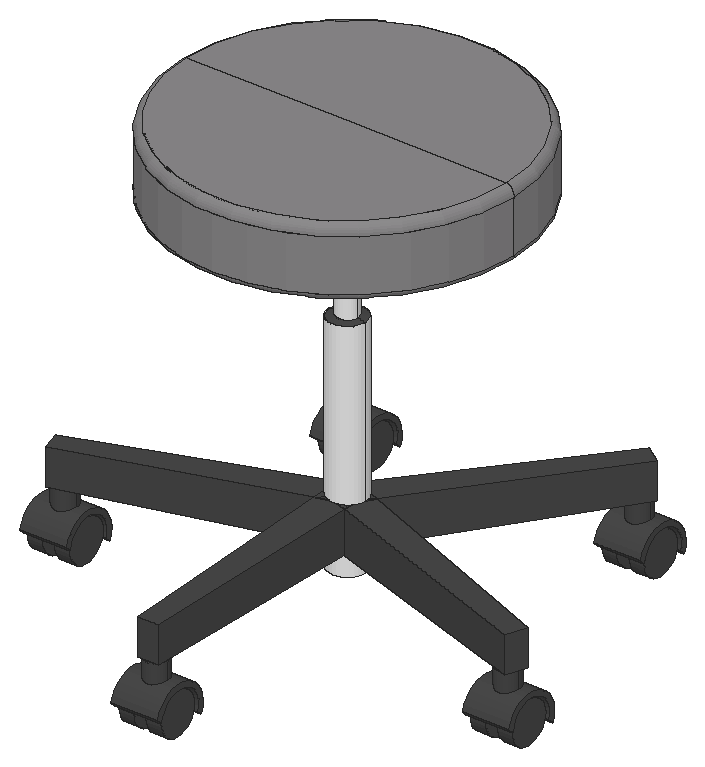
Revit family
Parameters (values of type "Value Series Stool")
  Upholstery = Upholstery - Midmark - 232 - Shadow
  URL = "http://www.midmark.com"
  Product Page URL = "http://www.midmark.com/en-us/AnimalHealthProducts/Seating/Pages/Midmark272AirLiftStool.aspx"
  Product Documentation Link = "http://www.midmark.com/marketing-collateral/007-0558-00.pdf"
  Model = "272"
  Manufacturer = "Midmark"
  Lift Height = Calculated Height - 0' 2"  # 1' - 4"
  Height = 1' - 6"
  Description = "Value Series Stool"
  Calculated Height = if(Height < 1' 6", 1' 6", if(Height > 2' 0 1/2", 2' 0 1/2", Height))  # 1' - 6"
  Assembly Code = "E2020"
Reference planes (in)
  plane 1 "Center Front/Back": y = 0
  plane 2: z = 0
  plane 3 "Center Left/Right": x = 0
  plane 4: z = 18
  plane 5: z = 5.25
  plane 6: z = 2
  plane 7: x = -12.11968
  plane 8: x = 11.86968
  plane 9: y = 10.87905
  plane 10: y = -12.83061
  plane 11: x = -12.86968
  plane 12: x = 12.61968
  plane 13: y = -13.58061
  plane 14: y = 11.62905
  plane 15: z = 21.5
Forms (in)
  Extrusion 1, solid, material "Chair - Midmark Coarse View", detail levels coarse
    sketch origin (0, 0, 0) x (1, 0, 0) y (0, 1, 0)
      loop
        line (-12.86968, 11.62905) -> (-12.86968, -13.58061) -> (12.61968, -13.58061) -> (12.61968, 11.62905) -> (-12.86968, 11.62905)
    from 0 to 21.5
Lines and regions (in)
  Masking region 1, detail levels coarse
    outline origin (0, 0, 0) x (1, 0, 0) y (0, 1, 0)
      loop
        line (-12.86968, 11.62905) -> (-12.86968, -13.58061) -> (12.61968, -13.58061) -> (12.61968, 11.62905) -> (-12.86968, 11.62905)
  Masking region 2, detail levels coarse
    outline origin (0, 0, 0) x (1, 0, 0) y (0, 0, 1)
      loop
        line (-12.86968, 21.5) -> (-12.86968, 0) -> (12.61968, 0) -> (12.61968, 21.5) -> (-12.86968, 21.5)
  Masking region 3, detail levels coarse
    outline origin (0, 0, 0) x (0, 1, 0) y (0, 0, 1)
      loop
        line (11.62905, 21.5) -> (-13.58061, 21.5) -> (-13.58061, 0) -> (11.62905, 0) -> (11.62905, 21.5)
Dimensions and locks (in)
  "Calculated Height": plane 4 to plane 2
  locked: plane 5 to plane 2 at 5.25
  locked: plane 6 to plane 2 at 2
  plane 14 to plane 9 to plane 1 "Center Front/Back" to plane 10 to plane 13 = 0' - 0 3/4" locked, 0' - 10.87905" locked, 1' - 0.83061" locked, 0' - 0 3/4" locked
  plane 11 to plane 7 = 0' - 0 3/4"
  locked: plane 15 to plane 4 at 3.5
  plane 3 "Center Left/Right" to plane 8 to Extrusion 1 = 0' - 11.86968" locked, 0' - 0 3/4" locked
  Extrusion 1 to plane 7 to plane 3 "Center Left/Right" = 0' - 0 3/4" locked, 1' - 0.11968" locked
  plane 11 to plane 3 "Center Left/Right" to plane 12 = 1' - 0.86968" locked, 1' - 0.61968" locked
  aligned and locked: level to plane 2
  aligned and locked: plane 3 "Center Left/Right" to nested 2
  aligned and locked: plane 3 "Center Left/Right" to nested 1
  aligned and locked: plane 2 to nested 2
  aligned: plane 4 to nested 1
  aligned and locked: plane 1 "Center Front/Back" to nested 2
  aligned and locked: plane 1 "Center Front/Back" to nested 1
  aligned: plane 5 to nested 1
  aligned: nested 1 to plane 6  (x2)
  aligned and locked: nested 3 to plane 4
  aligned and locked: plane 3 "Center Left/Right" to nested 3
  aligned and locked: plane 1 "Center Front/Back" to nested 3
  aligned and locked: plane 4 to nested 4
  aligned and locked: plane 3 "Center Left/Right" to nested 4
  aligned and locked: Extrusion 1 to plane 15
  aligned and locked: plane 13 to Extrusion 1 sketch curve
  aligned and locked: Extrusion 1 sketch curve to plane 11
  aligned and locked: plane 14 to Extrusion 1 sketch curve
  aligned and locked: plane 12 to Extrusion 1
  aligned and locked: plane 15 to Extrusion 1
  aligned and locked: Extrusion 1 to plane 2
  aligned and locked: plane 13 to Masking region 1 sketch curve
  aligned and locked: Masking region 1 sketch curve to plane 11
  aligned and locked: plane 14 to Masking region 1 sketch curve
  aligned and locked: Masking region 1 sketch curve to plane 12
  aligned and locked: Masking region 2 sketch curve to plane 11
  aligned and locked: Masking region 2 sketch curve to plane 12
  aligned and locked: Masking region 2 sketch curve to plane 15
  aligned and locked: plane 2 to Masking region 2 sketch curve
  aligned and locked: plane 2 to Masking region 3 sketch curve
  aligned and locked: plane 14 to Masking region 3 sketch curve
  aligned and locked: plane 13 to Masking region 3 sketch curve
  aligned and locked: Masking region 3 sketch curve to plane 15
  aligned and locked: plane 6 to nested 1
  aligned and locked: plane 1 "Center Front/Back" to nested 4
Automatic sketch dimensions
  Extrusion 1 sketch curve to plane 8 = 0' - 0 3/4"
Nested families (in)
  nested 1: "Hydralic Lift Chrome and Black" at (0, 0, 2), type "Hydralic Lift Chrome and Black"
  nested 2: "Feet Black" at (0, 0, 0), type "Feet Black"
  nested 3: "Round Cushion" at (0, 0, 18), type "Round Cushion"
  nested 4: "Air Lift Lever" at (0, 0, 16.5), type "Air Lift Lever"
Definition of nested family "Hydralic Lift Chrome and Black"
  Parameters (values of type "Hydralic Lift Chrome and Black")
    Top Lift Material = Chair - Midmark - Chrome
    Middle Lift Material = Chair - Midmark - Black Plastic
    Height = 1' - 4"
    Bottom Lift Material = Chair - Midmark - Chrome
    Assembly Code = ""
  Reference planes (in)
    plane 1 "Center Front/Back": y = 0
    plane 2: z = 0
    plane 3 "Center Left/Right": x = 0
    plane 4: x = -0.87626
    plane 5: x = 0.87374
    plane 6: z = 16
    plane 7: y = 0.87671
    plane 8: y = -0.87329
    plane 9: z = 0
    plane 10 "Caster Instalation Point": z = 3.25
    plane 11: z = 10.89696
    plane 12 "Front": y = -1.65512
    plane 13 "Back": y = 1.34262
    plane 14 "Left": x = -1.31996
    plane 15 "Right": x = 1.31996
  Forms (in)
    Revolve 1, solid, material "Chair - Midmark - Chrome" <- "Bottom Lift Material"
      sketch origin (-0.00126, 0.00171, -2) x (1, 0, 0) y (0, 0, 1)
        loop
          line (0, 2) -> (0, 12.81623) -> (-0.875, 12.81623) -> (-0.875, 2) -> (0, 2)
        axis (0, 2) -> (0, 12.81623)
      angle from 0 to 360
    Revolve 2, solid, material "Chair - Midmark - Chrome" <- "Top Lift Material"
      sketch origin (-0.00126, 0.00171, -2) x (1, 0, 0) y (0, 0, 1)
        loop
          line (-0.5, 12.89696) -> (0, 12.89696) -> (0, 18) -> (-0.5, 18) -> (-0.5, 12.89696)
        axis (0, 18) -> (0, 12.89696)
      angle from 0 to 360
    Revolve 3, solid, material "Chair - Midmark - Black Plastic" <- "Middle Lift Material"
      sketch origin (0, 0, 0) x (1, 0, 0) y (0, 0, 1)
        loop
          line (-0.50126, 10.89696) -> (-0.87626, 10.81623) -> (-0.00126, 10.81623) -> (-0.00126, 10.89696) -> (-0.50126, 10.89696)
        axis (-0.00126, 10.89696) -> (-0.00126, 10.81623)
      angle from 0 to 360
  Lines and regions (in)
    Masking region 1, detail levels medium+fine
      outline origin (0, -1.65512, 0) x (-1, 0, 0) y (0, 0, 1)
        loop
          line (0.87626, 0) -> (0.87626, 10.81623) -> (0.50126, 10.89696) -> (0.50126, 16) -> (-0.49874, 16) -> (-0.49874, 10.8975) -> (-0.87374, 10.81677) -> (-0.87374, 0) -> (0.87626, 0)
    Masking region 2, detail levels coarse
      outline origin (0, -1.65512, 0) x (-1, 0, 0) y (0, 0, 1)
        loop
          line (-0.87374, 16) -> (-0.87374, 0) -> (0.87626, 0) -> (0.87626, 16) -> (-0.87374, 16)
    Masking region 3, detail levels coarse
      outline origin (-1.31996, 0, 0) x (0, -1, 0) y (0, 0, 1)
        loop
          line (-0.87671, 0) -> (0.87329, 0) -> (0.87329, 16) -> (-0.87671, 16) -> (-0.87671, 0)
    Masking region 4, detail levels medium+fine
      outline origin (-1.31996, 0, 0) x (0, -1, 0) y (0, 0, 1)
        loop
          line (-0.87671, 0) -> (0.87329, 0) -> (0.87329, 10.81353) -> (0.49829, 10.8943) -> (0.49829, 16) -> (-0.50171, 16) -> (-0.50171, 10.89356) -> (-0.87671, 10.81279) -> (-0.87671, 0)
    Masking region 5, detail levels coarse
      outline origin (0, 0, 0) x (1, 0, 0) y (0, 1, 0)
        loop
          line (0.87374, 0.87671) -> (-0.87626, 0.87671) -> (-0.87626, -0.87329) -> (0.87374, -0.87329) -> (0.87374, 0.87671)
    Masking region 6, detail levels medium+fine
      outline origin (0, 0, 0) x (1, 0, 0) y (0, 1, 0)
        loop
          circle (0, 0) r 0.87625
    Masking region 7, detail levels coarse
      outline origin (5.25, 1.34262, 0) x (-1, 0, 0) y (0, 0, 1)
        loop
          line (4.37626, 16) -> (4.37626, 0) -> (6.12626, 0) -> (6.12626, 16) -> (4.37626, 16)
    Masking region 8, detail levels coarse
      outline origin (1.31996, -7, 0) x (0, -1, 0) y (0, 0, 1)
        loop
          line (-7.87671, 0) -> (-6.12671, 0) -> (-6.12671, 16) -> (-7.87671, 16) -> (-7.87671, 0)
    symbolic lines, detail levels fine
      curve 1: line (-1.31996, 0.87759, 10.81623) -> (-1.31996, -0.87329, 10.81623)
      curve 2: line (-0.87626, -1.65512, 10.81623) -> (0.87374, -1.65512, 10.81623)
      curve 3: line (-0.50126, -1.65512, 10.89696) -> (0.49874, -1.65512, 10.89696)
      curve 4: line (0, 0.50171, 10.89696) -> (0, -0.49829, 10.89696)
      curve 5: circle (0, 0, 0) r 0.5 normal (0, 0, 1)
      curve 6: line (-0.87626, 1.34262, 10.81623) -> (0.87374, 1.34262, 10.81623)
      curve 7: line (-0.50126, 1.34262, 10.89696) -> (0.49874, 1.34262, 10.89696)
      curve 8: line (1.31996, 0.87759, 10.81623) -> (1.31996, -0.87329, 10.81623)
  Dimensions and locks (in)
    "Height": plane 6 to plane 9
    locked: plane 10 "Caster Instalation Point" to plane 9 at 3.25
    locked: plane 11 to plane 10 "Caster Instalation Point" at 7.64696
    plane 11 to Revolve 1 = 0' - 0.08073"
    aligned and locked: level to plane 2
    aligned and locked: plane 9 to level
    aligned: Revolve 2 to plane 11  (x2)
    aligned and locked: Revolve 2 to plane 11
    aligned and locked: Revolve 1 to Revolve 3
  Automatic sketch dimensions
    plane 1 "Center Front/Back" to curve 5 = 0' - 0"
    curve 5 to plane 3 "Center Left/Right" = 0' - 0"
    Masking region 5 sketch curve to plane 4 = 0' - 0"
    Masking region 5 sketch curve to plane 5 = 0' - 0"
    Masking region 5 sketch curve to plane 8 = 0' - 0"
    Masking region 5 sketch curve to plane 7 = 0' - 0"
    plane 1 "Center Front/Back" to Masking region 6 sketch curve = 0' - 0"
    Masking region 6 sketch curve to plane 3 "Center Left/Right" = 0' - 0"
    plane 5 to Masking region 2 sketch curve = 0' - 0"
    Masking region 2 sketch curve to level = 0' - 0"
    Masking region 2 sketch curve to plane 4 = 0' - 0"
    Masking region 2 sketch curve to plane 6 = 0' - 0"
    Masking region 7 sketch curve to plane 6 = 0' - 0"
    Masking region 7 sketch curve to level = 0' - 0"
    Masking region 7 sketch curve to plane 14 "Left" = 0' - 2.19371"
    Masking region 7 sketch curve to Masking region 7 sketch curve = 0' - 1 3/4"
    Masking region 3 sketch curve to plane 6 = 0' - 0"
    Masking region 3 sketch curve to plane 7 = 0' - 0"
    Masking region 3 sketch curve to plane 8 = 0' - 0"
    Masking region 3 sketch curve to level = 0' - 0"
    Masking region 8 sketch curve to plane 6 = 0' - 0"
    Masking region 8 sketch curve to level = 0' - 0"
    plane 13 "Back" to Masking region 8 sketch curve = 0' - 0.46592"
    Masking region 8 sketch curve to Masking region 8 sketch curve = 0' - 1 3/4"
    curve 4 to plane 11 = 0' - 0"
    plane 8 to curve 4 = 0' - 0 3/8"
    curve 4 to plane 7 = 0' - 0 3/8"
    Revolve 1 sketch curve to level = 0' - 0"  (x2)
    plane 4 to Revolve 1 sketch curve = 0' - 0"
    Revolve 1 sketch curve to plane 3 "Center Left/Right" = 0' - 0.00126"
    Revolve 1 sketch curve to Revolve 1 sketch curve = 0' - 0"
    Revolve 1 sketch curve to plane 11 = 0' - 0.89696"
    Revolve 1 sketch curve to plane 11 = 0' - 0.08073"
    Revolve 2 sketch curve to plane 6 = 0' - 0"  (x2)
    Revolve 2 sketch curve to plane 11 = 0' - 0"
    Revolve 2 sketch curve to plane 4 = 0' - 0 3/8"
    Revolve 2 sketch curve to plane 3 "Center Left/Right" = 0' - 0.00126"
    Revolve 2 sketch curve to Revolve 2 sketch curve = 0' - 0"
    Revolve 2 sketch curve to Revolve 2 sketch curve = 0' - 2.14696"
    plane 5 to Masking region 1 sketch curve = 0' - 0"
    Masking region 1 sketch curve to plane 6 = 0' - 0"
    Masking region 1 sketch curve to plane 11 = 0' - 0"
    plane 4 to Masking region 1 sketch curve = 0' - 0"
    Masking region 1 sketch curve to level = 0' - 0"
    plane 11 to Masking region 1 sketch curve = 0' - 0.00054"
    plane 5 to Masking region 1 sketch curve = 0' - 0 3/8"
    Masking region 1 sketch curve to plane 4 = 0' - 0 3/8"
    Masking region 1 sketch curve to plane 11 = 0' - 0.08073"
    Masking region 1 sketch curve to plane 11 = 0' - 0.08019"
    Masking region 4 sketch curve to level = 0' - 0"
    Masking region 4 sketch curve to plane 7 = 0' - 0"
    Masking region 4 sketch curve to plane 6 = 0' - 0"
    Masking region 4 sketch curve to plane 11 = 0' - 0.0034"
    Masking region 4 sketch curve to plane 7 = 0' - 0 3/8"
    Masking region 4 sketch curve to plane 11 = 0' - 0.00266"
    plane 8 to Masking region 4 sketch curve = 0' - 0 3/8"
    Masking region 4 sketch curve to plane 8 = 0' - 0"
    Masking region 4 sketch curve to plane 11 = 0' - 0.08343"
    Masking region 4 sketch curve to plane 11 = 0' - 0.08417"
    plane 4 to Revolve 3 sketch curve = 0' - 0"
    Revolve 3 sketch curve to plane 11 = 0' - 0"  (x2)
    Revolve 3 sketch curve to plane 4 = 0' - 0 3/8"
    Revolve 3 sketch curve to plane 3 "Center Left/Right" = 0' - 0.00126"
    Revolve 3 sketch curve to Revolve 3 sketch curve = 0' - 0"
    Revolve 3 sketch curve to plane 11 = 0' - 0.08073"
    Revolve 3 sketch curve to Revolve 3 sketch curve = 0' - 0.91927"
    plane 5 to curve 2 = 0' - 0"
    curve 3 to plane 11 = 0' - 0"
    plane 4 to curve 2 = 0' - 0"
    plane 5 to curve 3 = 0' - 0 3/8"
    curve 3 to plane 4 = 0' - 0 3/8"
    curve 2 to plane 11 = 0' - 0.08073"
    plane 5 to curve 6 = 0' - 0"
    curve 7 to plane 11 = 0' - 0"
    plane 4 to curve 6 = 0' - 0"
    curve 7 to plane 5 = 0' - 0 3/8"
    plane 4 to curve 7 = 0' - 0 3/8"
    plane 11 to curve 6 = 0' - 0.08073"
    curve 1 to plane 8 = 0' - 0"
    plane 7 to curve 1 = 0' - 0.00088"
    curve 1 to plane 11 = 0' - 0.08073"
    curve 8 to plane 8 = 0' - 0"
    curve 8 to plane 7 = 0' - 0.00088"
    plane 11 to curve 8 = 0' - 0.08073"
    radius of curve 5 = 0' - 0 1/2"
    radius of Masking region 6 sketch curve = 0' - 0.87625"
Definition of nested family "Feet Black"
  Parameters (values of type "Feet Black")
    Feet Material = Chair - Midmark - Black Plastic
    Assembly Code = ""
  Reference planes (in)
    plane 1 "Center Front/Back": y = 0
    plane 2: z = 0
    plane 3 "Center Left/Right": x = 0
    plane 4: z = 3.14669
    plane 5: x = -12.11968
    plane 6: x = 11.86968
    plane 7: z = 5.14669
    plane 8: y = 10.87905
    plane 9: y = -12.83061
    plane 10: z = 0
    plane 11 "Left": x = -12.6741
    plane 12 "Front": y = -13.53243
    plane 13 "Back": y = 11.53243
    plane 14 "Right": x = 12.4241
  Forms (in)
    Blend 1, solid, material "Chair - Midmark - Black Plastic" <- "Feet Material"
      base sketch origin (-0.02, 0.01151, 2.71936) x (0.999996, 0.002747, 0) y (0, 0, 1)
        loop
          line (0.71241, 2.42733) -> (-0.78759, 2.42733) -> (-0.78759, 0.42733) -> (0.71241, 0.42733) -> (0.71241, 2.42733)
      top sketch origin (-0.02, 0.01151, 2.71936) x (0.999996, 0.002747, 0) y (0, 0, 1)
        loop
          line (-0.50634, 0.42733) -> (0.49366, 0.42733) -> (0.49366, 2.17733) -> (-0.50634, 2.17733) -> (-0.50634, 0.42733)
      from 0 to 12
    Blend 2, solid, material "Chair - Midmark - Black Plastic" <- "Feet Material"
      base sketch origin (0.00505, 0.01375, 2.71936) x (0.331216, 0.943555, 0) y (0, 0, 1)
        loop
          line (0.71241, 2.42733) -> (-0.78759, 2.42733) -> (-0.78759, 0.42733) -> (0.71241, 0.42733) -> (0.71241, 2.42733)
      top sketch origin (0.00505, 0.01375, 2.71936) x (0.331216, 0.943555, 0) y (0, 0, 1)
        loop
          line (-0.50634, 0.42733) -> (0.49366, 0.42733) -> (0.49366, 2.17733) -> (-0.50634, 2.17733) -> (-0.50634, 0.42733)
      from 0 to 12
    Blend 3, solid, material "Chair - Midmark - Black Plastic" <- "Feet Material"
      base sketch origin (-0.00087, -0.04805, 2.71936) x (0.286648, -0.958036, 0) y (0, 0, 1)
        loop
          line (0.71241, 2.42733) -> (-0.78759, 2.42733) -> (-0.78759, 0.42733) -> (0.71241, 0.42733) -> (0.71241, 2.42733)
      top sketch origin (-0.00087, -0.04805, 2.71936) x (0.286648, -0.958036, 0) y (0, 0, 1)
        loop
          line (-0.50634, 0.42733) -> (0.49366, 0.42733) -> (0.49366, 2.17733) -> (-0.50634, 2.17733) -> (-0.50634, 0.42733)
      from 0 to 12
    Blend 4, solid, material "Chair - Midmark - Black Plastic" <- "Feet Material"
      base sketch origin (0.03408, -0.0149, 2.71936) x (0.822567, -0.568668, 0) y (0, 0, -1)
        loop
          line (0.71241, -2.42733) -> (0.71241, -0.42733) -> (-0.78759, -0.42733) -> (-0.78759, -2.42733) -> (0.71241, -2.42733)
      top sketch origin (0.03408, -0.0149, 2.71936) x (0.822567, -0.568668, 0) y (0, 0, -1)
        loop
          line (-0.50634, -0.42733) -> (-0.50634, -2.17733) -> (0.49366, -2.17733) -> (0.49366, -0.42733) -> (-0.50634, -0.42733)
      from 0 to 12
    Blend 5, solid, material "Chair - Midmark - Black Plastic" <- "Feet Material"
      base sketch origin (0.02615, 0.03051, 2.71936) x (0.795022, 0.60658, 0) y (0, 0, -1)
        loop
          line (0.71241, -2.42733) -> (0.71241, -0.42733) -> (-0.78759, -0.42733) -> (-0.78759, -2.42733) -> (0.71241, -2.42733)
      top sketch origin (0.02615, 0.03051, 2.71936) x (0.795022, 0.60658, 0) y (0, 0, -1)
        loop
          line (-0.50634, -0.42733) -> (-0.50634, -2.17733) -> (0.49366, -2.17733) -> (0.49366, -0.42733) -> (-0.50634, -0.42733)
      from 0 to 12
  Lines and regions (in)
    Masking region 1, detail levels coarse
      outline origin (0, -13.53243, 0) x (-1, 0, 0) y (0, 0, 1)
        loop
          line (12.11968, 5.14669) -> (-11.86968, 5.14669) -> (-11.86968, 0) -> (12.11968, 0) -> (12.11968, 5.14669)
    Masking region 2, detail levels coarse
      outline origin (-12.6741, 0, 0) x (0, 1, 0) y (0, 0, 1)
        loop
          line (10.87905, 5.14669) -> (-12.83061, 5.14669) -> (-12.83061, 0) -> (10.87905, 0) -> (10.87905, 5.14669)
    Masking region 3, detail levels coarse
      outline origin (0, 0, 0) x (1, 0, 0) y (0, 1, 0)
        loop
          line (-12.11968, 10.87905) -> (-12.11968, -12.83061) -> (11.86968, -12.83061) -> (11.86968, 10.87905) -> (-12.11968, 10.87905)
    Masking region 4, detail levels medium+fine
      outline origin (0, 0, 0) x (1, 0, 0) y (0, 0, 1)
        loop
          line (-11.29362, 0) -> (-11.29362, 0.4641) -> (-10.70638, 0.4641) -> (-10.70638, 0) -> (-9.98951, 0) -> (-9.98951, 0.4641) -> (-9.88032, 0.4641) -> (-9.88032, 2.35385) -> (-10.44, 2.35385) -> (-10.44, 3.14669) -> (-7.55329, 3.14669) -> (-7.55329, 2.35385) -> (-8.11968, 2.35385) -> (-8.11968, 0.4641) -> (-8.01049, 0.4641) -> (-8.01049, 0) -> (-7.29362, 0) -> (-7.29362, 0.4641) -> (-6.70638, 0.4641) -> (-6.70638, 0) -> (-5.98951, 0) -> (-5.98951, 0.4641) -> (-5.88032, 0.4641) -> (-5.88032, 2.35385) -> (-6.44, 2.35385) -> (-6.44, 3.14669) -> (-0.55329, 3.14669) -> (-0.55329, 2.35385) -> (-1.11968, 2.35385) -> (-1.11968, 0.4641) -> (-1.01049, 0.4641) -> (-1.01049, 0) -> (-0.29362, 0) -> (-0.29362, 0.4641) -> (0.29362, 0.4641) -> (0.29362, 0) -> (1.01049, 0) -> (1.01049, 0.4641) -> (1.11968, 0.4641) -> (1.11968, 2.35385) -> (0.56, 2.35385) -> (0.56, 3.14669) -> (5.93762, 3.14669) -> (5.93762, 2.35385) -> (5.38032, 2.35385) -> (5.38032, 0.4641) -> (5.48951, 0.4641) -> (5.48951, 0) -> (6.20638, 0) -> (6.20638, 0.4641) -> (6.79362, 0.4641) -> (6.79362, 0) -> (7.51049, 0) -> (7.51049, 0.4641) -> (7.61968, 0.4641) -> (7.61968, 2.35385) -> (7.06, 2.35385) -> (7.06, 3.14669) -> (10.19671, 3.14669) -> (10.19671, 2.35385) -> (9.63032, 2.35385) -> (9.63032, 0.4641) -> (9.73951, 0.4641) -> (9.73951, 0) -> (10.45638, 0) -> (10.45638, 0.4641) -> (11.04362, 0.4641) -> (11.04362, 0) -> (11.76049, 0) -> (11.76049, 0.4641) -> (11.86968, 0.4641) -> (11.86968, 2.35385) -> (11.31, 2.35385) -> (11.31, 3.14669) -> (11.49121, 3.14669) -> (11.49121, 4.89669) -> (0.68577, 5.13681) -> (-0.76806, 5.13681) -> (-11.64244, 4.89669) -> (-11.64244, 3.14669) -> (-11.55329, 3.14669) -> (-11.55329, 2.35385) -> (-12.11968, 2.35385) -> (-12.11968, 0.4641) -> (-12.01049, 0.4641) -> (-12.01049, 0) -> (-11.29362, 0)
    Masking region 5, detail levels medium+fine
      outline origin (0, 0, 0) x (0, 1, 0) y (0, 0, 1)
        loop
          arc (10.78122, 0.4641) -> (10.77146, 1.50846) -> (10.03266, 2.24667) r 1.37951
          line (10.03266, 2.24667) -> (10.03266, 3.14669) -> (10.14385, 3.14669) -> (10.14839, 4.87753) -> (-0.00333, 5.13888) -> (-12.08812, 4.88709) -> (-12.08812, 2.21814)
          arc (-12.08812, 2.21814) -> (-12.56152, 1.84498) -> (-12.83061, 1.30559) r 1.37951
          line (-12.83061, 1.30559) -> (-12.4904, 0.96538)
          arc (-12.4904, 0.96538) -> (-11.58868, 0.00478) -> (-10.5174, 0.77172) r 1
          line (-10.5174, 0.77172) -> (-10.20978, 0.4641)
          arc (-10.20978, 0.4641) -> (-10.22081, 1.51145) -> (-10.96434, 2.24917) r 1.37951
          line (-10.96434, 2.24917) -> (-10.96434, 3.14669) -> (-4.33492, 3.14669) -> (-4.33492, 2.22392)
          arc (-4.33492, 2.22392) -> (-4.81625, 1.85021) -> (-5.08961, 1.30559) r 1.37951
          line (-5.08961, 1.30559) -> (-4.74804, 0.96402)
          arc (-4.74804, 0.96402) -> (-4.35165, 0.20158) -> (-3.50881, 0.03407) r 0.99276
          arc (-3.50881, 0.03407) -> (-2.73642, 0.14196) -> (-2.2764, 0.77172) r 1
          line (-2.2764, 0.77172) -> (-1.96878, 0.4641)
          arc (-1.96878, 0.4641) -> (-1.97757, 1.50613) -> (-2.71269, 2.24471) r 1.37951
          line (-2.71269, 2.24471) -> (-2.71269, 3.14669) -> (8.6558, 3.14669) -> (8.6558, 2.21954)
          arc (8.6558, 2.21954) -> (8.1805, 1.84624) -> (7.91039, 1.30559) r 1.37951
          line (7.91039, 1.30559) -> (8.25, 1)
          arc (8.25, 1) -> (8.63833, 0.20254) -> (9.50189, 0) r 1.03326
          arc (9.50189, 0) -> (10.04186, 0.15959) -> (10.40777, 0.58755) r 0.99117
          line (10.40777, 0.58755) -> (10.53122, 0.4641)
          arc (10.53122, 0.4641) -> (10.55798, 0.56372) -> (10.58105, 0.66427) r 2.79724
          line (10.58105, 0.66427) -> (10.78122, 0.4641)
    Masking region 6, detail levels medium+fine
      outline origin (0, 0, 0) x (1, 0, 0) y (0, 1, 0)
        loop
          line (1.11968, -12.83061) -> (1.11968, -10.11952) -> (0.56, -10.11952) -> (0.67622, -1.03222) -> (9.63032, -3.94159) -> (9.63032, -5.08961) -> (11.86968, -5.08961) -> (11.88032, -2.38179) -> (9.63032, -2.38179) -> (9.64126, -2.80754) -> (1.13452, 0.35388) -> (6.32371, 8.16039) -> (7.61968, 8.16039) -> (7.61968, 10.86821) -> (5.38032, 10.86821) -> (5.38887, 8.73511) -> (-0.01517, 1.22973) -> (-5.86968, 8.61974) -> (-5.86968, 10.62905) -> (-8.11968, 10.62905) -> (-8.11968, 7.91039) -> (-6.67216, 7.91039) -> (-1.20683, 0.388) -> (-9.88032, -2.43019) -> (-9.88032, -1.87095) -> (-12.11968, -1.87095) -> (-12.11968, -4.58961) -> (-9.88032, -4.58961) -> (-9.88032, -3.54845) -> (-0.78101, -1.00564) -> (-0.54255, -10.11195) -> (-1.11968, -10.11195) -> (-1.11968, -12.83061) -> (1.11968, -12.83061)
    symbolic lines, detail levels fine
      curve 1: line (11.16, 0, 3.14669) -> (11.16, 0, 4.89669)
      curve 2: line (-11.35579, 0, 3.14669) -> (-11.35579, 0, 4.89669)
      curve 3: line (-12.11968, 0, 1.09001) -> (-9.88032, 0, 1.09001)
      curve 4: line (-12.11968, 0, 1.30559) -> (-9.88032, 0, 1.30559)
      curve 5: line (-10.70638, 0, 1.09001) -> (-10.70206, 0, 0.45757)
      curve 6: line (-11.29362, 0, 1.09001) -> (-11.29362, 0, 0.4641)
      curve 7: line (-12.11968, 0, 0.66069) -> (-12.01049, 0, 0.66069)
      curve 8: line (-11.29362, 0, 0.66069) -> (-10.70345, 0, 0.66069)
      curve 9: line (-9.98951, 0, 0.66069) -> (-9.88032, 0, 0.66069)
      curve 10: line (-8.11968, 0, 1.09001) -> (-5.88032, 0, 1.09001)
      curve 11: line (-8.11968, 0, 1.30559) -> (-5.88032, 0, 1.30559)
      curve 12: line (-6.70638, 0, 1.09001) -> (-6.70206, 0, 0.45757)
      curve 13: line (-7.29362, 0, 1.09001) -> (-7.29362, 0, 0.4641)
      curve 14: line (-8.11968, 0, 0.66069) -> (-8.01049, 0, 0.66069)
      curve 15: line (-7.29362, 0, 0.66069) -> (-6.70345, 0, 0.66069)
      curve 16: line (-5.98951, 0, 0.66069) -> (-5.88032, 0, 0.66069)
      curve 17: line (-1.11968, 0, 1.09001) -> (1.11968, 0, 1.09001)
      curve 18: line (-1.11968, 0, 1.30559) -> (1.11968, 0, 1.30559)
      curve 19: line (0.29362, 0, 1.09001) -> (0.29794, 0, 0.45757)
      curve 20: line (-0.29362, 0, 1.09001) -> (-0.29362, 0, 0.4641)
      curve 21: line (-1.11968, 0, 0.66069) -> (-1.01049, 0, 0.66069)
      curve 22: line (-0.29362, 0, 0.66069) -> (0.29655, 0, 0.66069)
      curve 23: line (1.01049, 0, 0.66069) -> (1.11968, 0, 0.66069)
      curve 24: line (5.38032, 0, 1.09001) -> (7.61968, 0, 1.09001)
      curve 25: line (5.38032, 0, 1.30559) -> (7.61968, 0, 1.30559)
      curve 26: line (6.79362, 0, 1.09001) -> (6.79794, 0, 0.45757)
      curve 27: line (6.20638, 0, 1.09001) -> (6.20638, 0, 0.4641)
      curve 28: line (5.38032, 0, 0.66069) -> (5.48951, 0, 0.66069)
      curve 29: line (6.20638, 0, 0.66069) -> (6.79655, 0, 0.66069)
      curve 30: line (7.51049, 0, 0.66069) -> (7.61968, 0, 0.66069)
      curve 31: line (9.63032, 0, 1.09001) -> (11.86968, 0, 1.09001)
      curve 32: line (9.63032, 0, 1.30559) -> (11.86968, 0, 1.30559)
      curve 33: line (11.04362, 0, 1.09001) -> (11.04794, 0, 0.45757)
      curve 34: line (10.45638, 0, 1.09001) -> (10.45638, 0, 0.4641)
      curve 35: line (9.63032, 0, 0.66069) -> (9.73951, 0, 0.66069)
      curve 36: line (10.45638, 0, 0.66069) -> (11.04655, 0, 0.66069)
      curve 37: line (11.76049, 0, 0.66069) -> (11.86968, 0, 0.66069)
      curve 55: line (-0.49337, -11.98984, 0) -> (0.50663, -11.98984, 0)
      curve 56: line (0.50663, -11.98984, 0) -> (0.53568, -10.11316, 0)
      curve 57: line (-0.54251, -10.11347, 0) -> (-0.49337, -11.98984, 0)
      curve 58: line (9.63032, -3.94159, 0) -> (11.16, -4.43861, 0)
      curve 59: line (11.16, -4.43861, 0) -> (11.49121, -3.49506, 0)
      curve 60: line (11.49121, -3.49506, 0) -> (9.61649, -2.79834, 0)
      curve 61: line (5.38032, 8.68314, 0) -> (6.44159, 10.14385, 0)
      curve 62: line (6.44159, 10.14385, 0) -> (7.27439, 9.59027, 0)
      curve 63: line (7.27439, 9.59027, 0) -> (6.32915, 8.16857, 0)
      curve 64: line (-6.67216, 7.91039, 0) -> (-7.65536, 9.26364, 0)
      curve 65: line (-7.65536, 9.26364, 0) -> (-6.87152, 9.88461, 0)
      curve 66: line (-6.87152, 9.88461, 0) -> (-5.89303, 8.64949, 0)
      curve 67: line (-9.88032, -3.54845, 0) -> (-11.31738, -3.97842, 0)
      curve 68: line (-11.31738, -3.97842, 0) -> (-11.62639, -3.02737, 0)
      curve 69: line (-11.62639, -3.02737, 0) -> (-9.88032, -2.46003, 0)
      curve 70: line (0, 9.78318, 2.24646) -> (0, 9.78318, 3.14669)
      curve 71: line (0, 9.78318, 3.14669) -> (0, 9.87022, 3.14669)
      curve 72: line (0, 9.87022, 3.14669) -> (0, 9.87022, 4.89669)
      curve 73: line (0, 9.26364, 3.14669) -> (0, 9.26364, 4.89669)
      curve 74: line (0, -3.00274, 3.14669) -> (0, -3.00274, 4.89669)
      curve 75: line (0, -3.00274, 4.89669) -> (0, 0.48934, 5.13206)
      curve 76: line (0, -3.00274, 4.89669) -> (0, -3.96077, 4.89669)
      curve 77: line (0, -3.96077, 4.89669) -> (0, -0.73852, 5.14608)
      curve 78: line (0, -3.96077, 4.89669) -> (0, -3.96077, 3.14669)
      curve 79: line (0, -10.96434, 2.24917) -> (0, -10.96434, 3.14669)
      curve 80: line (0, -11.98709, 3.14669) -> (0, 10.03266, 3.14669)
      curve 81: arc (0, -11.491, 0) -> (0, -10.78389, 1.70711) -> (0, -12.491, 1) r 1
      curve 82: arc (0, -12.61503, 1.09001) -> (0, -11.27594, 2.0831) -> (0, -10.40637, 0.66069) r 1.12951
      curve 83: arc (0, -12.07696, 2.22344) -> (0, -10.54543, 1.97837) -> (0, -10.20978, 0.4641) r 1.37951
      curve 84: line (0, -4.33492, 3.14669) -> (0, -4.33492, 2.22392)
      curve 85: line (0, -3.83887, 3.14669) -> (0, -3.83887, 2.22207)
      curve 86: line (0, -2.71269, 3.14669) -> (0, -2.71269, 2.24471)
      curve 87: circle (0, -3.25, 1.00671) r 0.99975 normal (1, 0, 0)
      curve 88: line (0, -1.96878, 0.4641) -> (0, -2.16537, 0.66069)
      curve 89: line (0, -4.37403, 1.09001) -> (0, -4.58961, 1.30559)
      curve 90: line (0, -4.87403, 1.09001) -> (0, -5.08961, 1.30559)
      curve 91: arc (0, -5.08961, 1.30559) -> (0, -4.63517, 2.0328) -> (0, -3.83887, 2.35102) r 1.37951
      curve 92: arc (0, -4.87403, 1.09001) -> (0, -4.64461, 1.66541) -> (0, -4.1418, 2.02722) r 1.10602
      curve 93: arc (0, -4.58961, 1.30559) -> (0, -2.82873, 2.28781) -> (0, -1.96878, 0.4641) r 1.37951
      curve 94: arc (0, -4.37403, 1.09001) -> (0, -3.03494, 2.0831) -> (0, -2.16537, 0.66069) r 1.12951
      curve 95: arc (0, 7.91039, 1.30559) -> (0, 9.58079, 2.31349) -> (0, 10.58869, 0.64309) r 1.37951
      curve 96: arc (0, 10.03807, 2.24439) -> (0, 9.91135, 2.28574) -> (0, 9.78318, 2.32232) r 3.56322
      curve 97: arc (0, 8.25, 1) -> (0, 9.25, 2) -> (0, 10.25, 1) r 1
      curve 98: arc (0, 8.25, 1) -> (0, 9.25, 0) -> (0, 10.25, 1) r 1
      curve 99: line (0, 8.6558, 2.21954) -> (0, 8.6558, 3.14669)
      curve 100: arc (0, -4.37789, 1.76929) -> (0, -4.64034, 0.54492) -> (0, -3.49554, 0.03758) r 0.99276
      curve 101: arc (0, 10.33463, 0.66069) -> (0, 9.46506, 2.0831) -> (0, 8.12597, 1.09001) r 1.12951
      curve 102: line (0, 10.53122, 0.4641) -> (0, 10.33463, 0.66069)
      curve 103: line (0, 8.12597, 1.09001) -> (0, 7.91039, 1.30559)
      curve 104: line (0, -10.40637, 0.66069) -> (0, -10.20978, 0.4641)
      curve 105: line (-11.55329, 0, 3.14669) -> (-10.44, 0, 3.14669)
      curve 106: line (-7.55329, 0, 3.14669) -> (-6.44, 0, 3.14669)
      curve 107: line (-0.55329, 0, 3.14669) -> (0.56, 0, 3.14669)
      curve 108: line (5.93762, 0, 3.14669) -> (7.06, 0, 3.14669)
      curve 109: line (10.19671, 0, 3.14669) -> (11.31, 0, 3.14669)
    symbolic lines, style "Furniture", detail levels fine
      curve 38: line (-11.55329, 0, 2.35385) -> (-10.44, 0, 2.35385)
      curve 39: line (-7.55329, 0, 2.35385) -> (-6.44, 0, 2.35385)
      curve 40: line (-0.55329, 0, 2.35385) -> (0.56, 0, 2.35385)
      curve 41: line (5.93762, 0, 2.35385) -> (7.06, 0, 2.35385)
      curve 42: line (11.16, 0, 3.14669) -> (11.16, 0, 4.89669)
      curve 43: line (7.26416, 0, 3.14669) -> (7.26416, 0, 4.89669)
      curve 44: line (7.26416, 0, 4.89669) -> (0.62008, 0, 5.14669)
      curve 45: line (6.44159, 0, 3.14669) -> (6.44159, 0, 4.89669)
      curve 46: line (6.44159, 0, 4.89669) -> (-0.20312, 0, 5.13214)
      curve 47: line (-7.67041, 0, 3.14669) -> (-7.67041, 0, 4.89669)
      curve 48: line (-7.67041, 0, 4.89669) -> (-1.02633, 0, 5.14669)
      curve 49: line (-6.84784, 0, 3.14669) -> (-6.84784, 0, 4.89669)
      curve 50: line (-6.84784, 0, 4.89669) -> (-0.20312, 0, 5.13214)
      curve 51: line (-7.55329, 0, 2.35385) -> (-6.44, 0, 2.35385)
      curve 52: line (-0.55329, 0, 2.35385) -> (0.56, 0, 2.35385)
      curve 53: line (5.94671, 0, 2.35385) -> (7.06, 0, 2.35385)
      curve 54: line (10.19671, 0, 2.35385) -> (11.31, 0, 2.35385)
  Dimensions and locks (in)
    aligned and locked: level to plane 2
  Nested families (in)
    nested 1: "Casters Black" at (0, -11.491, 0), type "Casters Black"
    nested 2: "Casters Black" at (-11, -3.25, 0), type "Casters Black"
    nested 3: "Casters Black" at (-7, 9.25, 0), type "Casters Black"
    nested 4: "Casters Black" at (6.5, 9.5, 0), type "Casters Black"
    nested 5: "Casters Black" at (10.75, -3.75, 0), type "Casters Black"
  Definition of nested family "Casters Black"
    Parameters (values of type "Casters Black")
      Assembly Code = ""
    Reference planes (in)
      plane 1 "Center Front/Back": y = 0
      plane 2: z = 0
      plane 3 "Center Left/Right": x = 0
      plane 4: z = 3.14669
      plane 5: x = 1.11968
      plane 6: x = -1.11968
    Forms (in)
      Extrusion 1, solid, material "Chair - Midmark - Black Plastic"
        sketch origin (-0.01049, 0, -0.76917) x (0, -1, 0) y (0, 0, 1)
          loop
            circle (0, 1.76917) r 1
        from 0.28313 to 1
      Extrusion 2, solid, material "Chair - Midmark - Black Plastic"
        sketch origin (-0.01049, 0, -0.76917) x (0, -1, 0) y (0, 0, 1)
          loop
            arc (-1.08463, 1.42986) -> (-0.21506, 2.85227) -> (1.12403, 1.85918) r 1.12951
            line (1.12403, 1.85918) -> (1.33961, 2.07476)
            arc (1.33961, 2.07476) -> (-0.42127, 3.05698) -> (-1.28122, 1.23327) r 1.37951
            line (-1.28122, 1.23327) -> (-1.08463, 1.42986)
        from -1.13017 to 1.10918
      Extrusion 3, solid, material "Chair - Midmark - Black Plastic"
        sketch origin (0, 0.42399, -0.76917) x (1, 0, 0) y (0, 1, 0)
          loop
            circle (0, -0.45133) r 0.56
        from 2.89024 to 3.91587
      Extrusion 4, solid, material "Chair - Midmark - Black Plastic"
        sketch origin (0.01049, 0, -0.76917) x (0, -1, 0) y (0, 0, -1)
          loop
            circle (0, -1.76917) r 1
        from 0.28313 to 1
    Dimensions and locks (in)
      aligned and locked: level to plane 2
Definition of nested family "Round Cushion"
  Parameters (values of type "Round Cushion")
    Upholstery = Upholstery - Midmark - 216 - Pebble Grey
    Assembly Code = ""
  Reference planes (in)
    plane 1 "Center Front/Back": y = 0
    plane 2: z = 0
    plane 3 "Center Left/Right": x = 0
    plane 4: x = -8.09717
    plane 5: z = 3.25
    plane 6: x = 8.09293
    plane 7: y = 8.05646
    plane 8: y = -8.11896
    plane 9: z = 0
  Forms (in)
    Revolve 1, solid, material "Upholstery - Midmark - 216 - Pebble Grey" <- "Upholstery"
      sketch origin (-0.00688, -0.01945, -23) x (1, 0, 0) y (0, 0, 1)
        loop
          arc (-8.071, 23.25) -> (-7.99777, 23.07322) -> (-7.821, 23) r 0.25
          line (-7.821, 23) -> (0, 23) -> (0, 26.25) -> (-7.72089, 26.25)
          arc (-7.72089, 26.25) -> (-7.97477, 26.05519) -> (-8.071, 25.75) r 0.53209
          line (-8.071, 25.75) -> (-8.071, 23.25)
        axis (0, 26.25) -> (0, 23)
      angle from 0 to 360
  Lines and regions (in)
    Masking region 1, detail levels medium+fine
      outline origin (0, 0, 0) x (1, 0, 0) y (0, 0, 1)
        loop
          arc (-8.09717, 0.2242) -> (-8.03151, 0.06567) -> (-7.87297, 0) r 0.2242
          line (-7.87297, 0) -> (0, 0) -> (7.86873, 0)
          arc (7.86873, 0) -> (8.02726, 0.06567) -> (8.09293, 0.2242) r 0.2242
          line (8.09293, 0.2242) -> (8.09293, 2.7242)
          arc (8.09293, 2.7242) -> (7.99158, 3.04528) -> (7.72427, 3.25) r 0.55928
          line (7.72427, 3.25) -> (-0.00688, 3.25) -> (-7.72852, 3.25)
          arc (-7.72852, 3.25) -> (-7.99583, 3.04528) -> (-8.09717, 2.7242) r 0.55928
          line (-8.09717, 2.7242) -> (-8.09717, 0.2242)
    Masking region 2, detail levels coarse
      outline origin (-0.03199, 0, 0) x (1, 0, 0) y (0, 0, 1)
        loop
          line (-8.06518, 0) -> (8.12492, 0) -> (8.12492, 3.25) -> (-8.06518, 3.25) -> (-8.06518, 0)
    Masking region 3, detail levels coarse
      outline origin (0, 0, 0) x (0, 1, 0) y (0, 0, 1)
        loop
          line (8.05646, 3.25) -> (-8.10527, 3.25) -> (-8.10527, 0) -> (8.05646, 0) -> (8.05646, 3.25)
    Masking region 4, detail levels medium+fine
      outline origin (0, 0, 0) x (0, 1, 0) y (0, 0, 1)
        loop
          line (7.70581, 3.25) -> (-7.73706, 3.25)
          arc (-7.73706, 3.25) -> (-7.99996, 3.11227) -> (-8.10527, 2.83479) r 0.41821
          line (-8.10527, 2.83479) -> (-8.10527, 0.22108)
          arc (-8.10527, 0.22108) -> (-8.03423, 0.05843) -> (-7.86663, 0) r 0.22173
          line (-7.86663, 0) -> (7.83538, 0)
          arc (7.83538, 0) -> (7.9917, 0.06475) -> (8.05646, 0.22108) r 0.22108
          line (8.05646, 0.22108) -> (8.05646, 2.83212)
          arc (8.05646, 2.83212) -> (7.93976, 3.09025) -> (7.70581, 3.25) r 0.52432
    Masking region 5, detail levels coarse
      outline origin (0, 0, 0) x (1, 0, 0) y (0, 1, 0)
        loop
          line (8, -8.09302) -> (8, 8) -> (-8, 8) -> (-8, -8.09302) -> (8, -8.09302)
    Masking region 6, detail levels medium+fine
      outline origin (0, 0, 0) x (1, 0, 0) y (0, 1, 0)
        loop
          circle (0, 0) r 8
    symbolic lines, detail levels fine
      curve 1: circle (0, 0, 0) r 7.72775 normal (0, 0, 1)
  Dimensions and locks (in)
    aligned and locked: level to plane 2
Definition of nested family "Air Lift Lever"
  Parameters (values of type "Air Lift Lever")
    Seat Connector Material = Chair - Midmark - Black Plastic
    Lever Tip Material = Chair - Midmark - Black Plastic
    Lever Material = Chair - Midmark - Chrome
    Assembly Code = ""
  Reference planes (in)
    plane 1 "Center Front/Back": y = 0
    plane 2: z = 0
    plane 3 "Center Left/Right": x = 0
    plane 4 "Back": y = 3
    plane 5 "Front": y = -3
    plane 6 "Front1": y = -3.75
    plane 7 "Back1": y = 3.75
    plane 8 "Left": x = -9.3125
    plane 9 "Right": x = 2.25
  Forms (in)
    Revolve 1, solid, material "Chair - Midmark - Chrome" <- "Lever Material"
      sketch origin (-0.93316, 0, -3.7575) x (0.990268, 0, 0.139173) y (-0.139173, 0, 0.990268)
        loop
          line (0, 4.5) -> (-4, 4.5) -> (-4, 4.37378) -> (0, 4.37378) -> (0, 4.5)
        axis (-4, 4.5) -> (0, 4.5)
      angle from 0 to 360
    Revolve 2, solid, material "Chair - Midmark - Black Plastic" <- "Lever Tip Material"
      sketch origin (-0.93316, 0, -3.7575) x (0.990268, 0, 0.139173) y (-0.139173, 0, 0.990268)
        loop
          line (-4, 4.5) -> (-4, 4.65376)
          spline (-4, 4.65376) -> (-4.20843, 4.70065) -> (-4.37143, 4.72823) -> (-4.49785, 4.74039) -> (-4.59659, 4.74097) -> (-4.67652, 4.73384) -> (-4.74515, 4.7221) -> (-4.80472, 4.70583) -> (-4.85613, 4.6844) -> (-4.90028, 4.65703) -> (-4.93766, 4.62124) -> (-4.96839, 4.57316) -> (-4.98926, 4.5)
          line (-4.98926, 4.5) -> (-4, 4.5)
        axis (-4.98926, 4.5) -> (-4, 4.5)
      angle from 0 to 360
    Extrusion 3, solid, material "Chair - Midmark - Black Plastic" <- "Seat Connector Material"
      sketch origin (-2.1875, 0, 0) x (1, 0, 0) y (0, 0, 1)
        loop
          line (0.1875, 1.25) -> (0.36065, 1.25)
          arc (0.36065, 1.25) -> (0.49776, 0.56215) -> (0.91719, 0) r 1.59184
          line (0.91719, 0) -> (2.1875, 0) -> (3.45781, 0)
          arc (3.45781, 0) -> (3.87724, 0.56215) -> (4.01435, 1.25) r 1.59184
          line (4.01435, 1.25) -> (4.1875, 1.25) -> (4.1875, 1.5) -> (3.73306, 1.5)
          arc (3.73306, 1.5) -> (3.70908, 0.82675) -> (3.36093, 0.25) r 1.34184
          line (3.36093, 0.25) -> (2.1875, 0.25) -> (1.01407, 0.25)
          arc (1.01407, 0.25) -> (0.66592, 0.82675) -> (0.64194, 1.5) r 1.34184
          line (0.64194, 1.5) -> (0.1875, 1.5) -> (0.1875, 1.25)
      from -3 to 3
  Lines and regions (in)
    Masking region 1, detail levels medium+fine
      outline origin (0, 0, 0) x (1, 0, 0) y (0, 1, 0)
        loop
          line (-2, 3) -> (-2, 0.25) -> (-5.41636, 0.25)
          arc (-5.41636, 0.25) -> (-5.6611, 0.40172) -> (-5.94737, 0.43284) r 0.65006
          arc (-5.94737, 0.43284) -> (-6.31262, 0.32) -> (-6.52176, 0) r 0.56339
          arc (-6.52176, 0) -> (-6.31262, -0.32) -> (-5.94737, -0.43284) r 0.56339
          arc (-5.94737, -0.43284) -> (-5.6611, -0.40172) -> (-5.41636, -0.25) r 0.65006
          line (-5.41636, -0.25) -> (-2, -0.25) -> (-2, -3) -> (2, -3) -> (2, 3) -> (-2, 3)
    Masking region 2, detail levels coarse
      outline origin (2.1875, 0, 0) x (1, 0, 0) y (0, 1, 0)
        loop
          line (-0.1875, -3) -> (-0.1875, 3) -> (-8.80371, 3) -> (-8.80371, -3) -> (-0.1875, -3)
    Masking region 3, detail levels coarse
      outline origin (0, -3.75, 0) x (-1, 0, 0) y (0, 0, 1)
        loop
          line (-2, 1.5) -> (-2, -0.37896) -> (6.5, -0.37896) -> (6.5, 1.5) -> (-2, 1.5)
    Masking region 4, detail levels coarse
      outline origin (0, 3.75, 0) x (-1, 0, 0) y (0, 0, 1)
        loop
          line (-2, 1.5) -> (-2, -0.37896) -> (6.5, -0.37896) -> (6.5, 1.5) -> (-2, 1.5)
    Masking region 5, detail levels coarse
      outline origin (-9.3125, 0, 0) x (0, -1, 0) y (0, 0, 1)
        loop
          line (-3, -0.38413) -> (3, -0.38413) -> (3, 1.5) -> (-3, 1.5) -> (-3, -0.38413)
    Masking region 6, detail levels coarse
      outline origin (2.25, 0, 0) x (0, 1, 0) y (0, 0, 1)
        loop
          line (-3, 1.5) -> (-3, -0.38413) -> (3, -0.38413) -> (3, 1.5) -> (-3, 1.5)
    symbolic lines, detail levels fine
      curve 1: line (-2, 0.25, 0) -> (-2, -0.25, 0)
  Dimensions and locks (in)
    equal spacing: plane 4 "Back", plane 1 "Center Front/Back", plane 5 "Front"
    aligned and locked: level to plane 2
    aligned and locked: Extrusion 3 to plane 5 "Front"
    aligned and locked: plane 4 "Back" to Extrusion 3
  Automatic sketch dimensions
    level to Revolve 1 sketch curve = 0' - 0.14201"
    Revolve 1 sketch curve to plane 3 "Center Left/Right" = 0' - 5.52051"
    Revolve 1 sketch curve to Revolve 1 sketch curve = 0' - 0"  (x3)
    Revolve 1 sketch curve to Revolve 1 sketch curve = 0' - 4"
    Revolve 1 sketch curve to Revolve 1 sketch curve = 0' - 0.12622"
    plane 1 "Center Front/Back" to Masking region 1 sketch curve = 0' - 0"
    Masking region 1 sketch curve to plane 5 "Front" = 0' - 0"
    Masking region 1 sketch curve to plane 4 "Back" = 0' - 0"
    Masking region 1 sketch curve to plane 3 "Center Left/Right" = 0' - 6.52176"
    Masking region 1 sketch curve to plane 1 "Center Front/Back" = 0' - 0.12994"
    Masking region 1 sketch curve to Masking region 1 sketch curve = 0' - 0.5482"
    plane 1 "Center Front/Back" to Masking region 1 sketch curve = 0' - 0.12994"
    Masking region 1 sketch curve to Masking region 1 sketch curve = 0' - 0"  (x2)
    Masking region 1 sketch curve to Masking region 1 sketch curve = 0' - 0.02619"  (x2)
    Masking region 1 sketch curve to Masking region 1 sketch curve = 0' - 0.10082"  (x2)
    plane 1 "Center Front/Back" to Masking region 1 sketch curve = 0' - 0 1/4"
    Masking region 1 sketch curve to Masking region 1 sketch curve = 0' - 0.45638"  (x2)
    Masking region 1 sketch curve to plane 1 "Center Front/Back" = 0' - 0 1/4"
    Masking region 1 sketch curve to plane 3 "Center Left/Right" = 0' - 2"
    plane 3 "Center Left/Right" to Masking region 1 sketch curve = 0' - 2"
    Masking region 2 sketch curve to plane 5 "Front" = 0' - 0"
    Masking region 2 sketch curve to plane 4 "Back" = 0' - 0"
    Masking region 2 sketch curve to plane 3 "Center Left/Right" = 0' - 6.61621"
    plane 3 "Center Left/Right" to Masking region 2 sketch curve = 0' - 2"
    Extrusion 3 sketch curve to Extrusion 3 sketch curve = 0' - 0"  (x6)
    Extrusion 3 sketch curve to level = 0' - 0"
    Extrusion 3 sketch curve to plane 3 "Center Left/Right" = 0' - 2"
    Extrusion 3 sketch curve to Extrusion 3 sketch curve = 0' - 0.17315"  (x2)
    Extrusion 3 sketch curve to Extrusion 3 sketch curve = 0' - 0.28129"  (x2)
    Extrusion 3 sketch curve to plane 3 "Center Left/Right" = 0' - 1.27031"
    level to Extrusion 3 sketch curve = 0' - 0 1/4"
    Extrusion 3 sketch curve to Extrusion 3 sketch curve = 0' - 0.09688"  (x2)
    level to Extrusion 3 sketch curve = 0' - 1.20961"
    Extrusion 3 sketch curve to Extrusion 3 sketch curve = 0' - 1.31004"
    Extrusion 3 sketch curve to Extrusion 3 sketch curve = 0' - 0.23552"
    Extrusion 3 sketch curve to Extrusion 3 sketch curve = 0' - 0.47105"
    Extrusion 3 sketch curve to Extrusion 3 sketch curve = 0' - 1.17343"
    Extrusion 3 sketch curve to Extrusion 3 sketch curve = 0' - 0.37213"
    Masking region 3 sketch curve to level = 0' - 0.37896"
    plane 3 "Center Left/Right" to Masking region 3 sketch curve = 0' - 2"
    level to Masking region 3 sketch curve = 0' - 1 1/2"
    Masking region 3 sketch curve to plane 3 "Center Left/Right" = 0' - 6 1/2"
    Masking region 4 sketch curve to level = 0' - 0.37896"
    plane 3 "Center Left/Right" to Masking region 4 sketch curve = 0' - 2"
    Masking region 4 sketch curve to plane 3 "Center Left/Right" = 0' - 6 1/2"
    level to Masking region 4 sketch curve = 0' - 1 1/2"
    plane 1 "Center Front/Back" to curve 1 = 0' - 0 1/4"
    curve 1 to plane 3 "Center Left/Right" = 0' - 2"
    curve 1 to plane 1 "Center Front/Back" = 0' - 0 1/4"
    Masking region 6 sketch curve to plane 5 "Front" = 0' - 0"
    Masking region 6 sketch curve to plane 4 "Back" = 0' - 0"
    Masking region 6 sketch curve to level = 0' - 0.38413"
    level to Masking region 6 sketch curve = 0' - 1 1/2"
    Masking region 5 sketch curve to plane 4 "Back" = 0' - 0"
    Masking region 5 sketch curve to plane 5 "Front" = 0' - 0"
    Masking region 5 sketch curve to level = 0' - 0.38413"
    level to Masking region 5 sketch curve = 0' - 1 1/2"
    Revolve 2 sketch curve to level = 0' - 0.01421"
    Revolve 2 sketch curve to plane 8 "Left" = 0' - 2.68044"
    Revolve 2 sketch curve to Revolve 2 sketch curve = 0' - 0.13321"
    Revolve 2 sketch curve to Revolve 2 sketch curve = 0' - 0.98926"
    Revolve 2 sketch curve to Revolve 2 sketch curve = 0' - 0.16933"
    Revolve 2 sketch curve to Revolve 2 sketch curve = 0' - 0"
    Revolve 2 sketch curve to Revolve 2 sketch curve = 0' - 0.15376"
